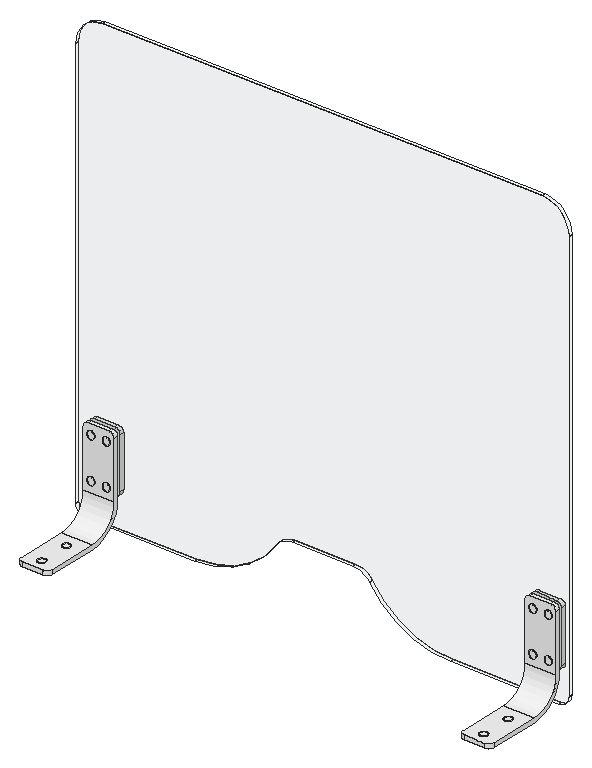
Revit family "Clarus_beShield_Back Bolt Legs_R19", category Furniture, host Face, Revit 2019
Family settings
  Host = Face
  Cut with Voids When Loaded = No
  Shared = No
  Room Calculation Point = No
Parameters (values of type "48" x 44"")
  Window [instance] = yes
  Width = 48"
  URL = "https://www.clarus.com/"
  TRC Standards [instance] = "http://therevitcollection.com/news/trc-news-the-revit-collection-standards-explained/"
  Shield [instance] = not(Window)  # no
  Product URL = "https://www.clarus.com/be-shield/"
  More Revit Families! [instance] = "www.therevitcollection.com"
  Modeled By = "Commense Studio"  # constant formula
  Model = "be! Shield"  # constant formula
  Manufacturer = "Clarus"  # constant formula
  Leg Finish [instance] = Clarus White
  Glass Depth = 3/8"
  Clarus Glass [instance] = Glass
  Description = "be! Shield is elegantly engineered to add a seamless layer of non-porous, antimicrobial tempered glass to ensure the health and safety of patrons and employees. It’s the perfect solution for the collaborative needs of your workspace."  # constant formula
  Height = 44"
  Designer = ""
  Depth = 12"  # constant formula
  Default Elevation = 0"
  Assembly Code = ""
Types (7): name | Width | Leg Finish | Height
  (no name) | 48" | Clarus White | 44"
  36" x 24" | 36" | Clarus Black | 24"
  48" x 24" | 48" | Clarus White | 24"
  36" x 34" | 36" | Clarus White | 34"
  48" x 34" | 48" | Clarus Black | 34"
  36" x 44" | 36" | Clarus Black | 44"
  48" x 44" | 48" | Clarus White | 44"
Reference planes (in)
  plane 1 "Center (Front/Back)": y = 0
  plane 2: z = 0
  plane 3 "Center (Left/Right)": x = 0
  plane 4 "L": x = -24
  plane 5 "R": x = 24
  plane 6 "B": y = 0.1875
  plane 7 "F": y = -0.1875
  plane 8: z = 44
  plane 9: x = 12.5
  plane 10: x = -12.5
  plane 11: z = 5.25
  plane 12: x = -21.5
  plane 13: x = 21.5
Forms (in)
  Extrusion 1, solid, material "Glass" <- "Clarus Glass", visible <- "Window"
    sketch origin (0, 0, 0) x (1, 0, 0) y (0, 0, 1)
      loop
        arc (-21.375, 44) -> (-23.23116, 43.23116) -> (-24, 41.375) r 2.625
        line (-24, 41.375) -> (-24, 1.25)
        arc (-24, 1.25) -> (-23.70711, 0.54289) -> (-23, 0.25) r 1
        line (-23, 0.25) -> (-12.42908, 0.25)
        arc (-12.42908, 0.25) -> (-7.99968, 1.34581) -> (-4.59213, 4.38043) r 9.5
        arc (-4.59213, 4.38043) -> (-3.87475, 5.0193) -> (-2.94225, 5.25) r 2
        line (-2.94225, 5.25) -> (2.94225, 5.25)
        arc (2.94225, 5.25) -> (3.87475, 5.0193) -> (4.59213, 4.38043) r 2
        arc (4.59213, 4.38043) -> (7.99968, 1.34581) -> (12.42908, 0.25) r 9.5
        line (12.42908, 0.25) -> (23, 0.25)
        arc (23, 0.25) -> (23.70711, 0.54289) -> (24, 1.25) r 1
        line (24, 1.25) -> (24, 41.375)
        arc (24, 41.375) -> (23.23116, 43.23116) -> (21.375, 44) r 2.625
        line (21.375, 44) -> (-21.375, 44)
    from -0.1875 to 0.1875
  Extrusion 2, solid, material "Glass" <- "Clarus Glass", visible <- "Shield"
    sketch origin (0, 0, 0) x (1, 0, 0) y (0, 0, 1)
      loop
        arc (-21.375, 44) -> (-23.23116, 43.23116) -> (-24, 41.375) r 2.625
        line (-24, 41.375) -> (-24, 1.25)
        arc (-24, 1.25) -> (-23.70711, 0.54289) -> (-23, 0.25) r 1
        line (-23, 0.25) -> (23, 0.25)
        arc (23, 0.25) -> (23.70711, 0.54289) -> (24, 1.25) r 1
        line (24, 1.25) -> (24, 41.375)
        arc (24, 41.375) -> (23.23116, 43.23116) -> (21.375, 44) r 2.625
        line (21.375, 44) -> (-21.375, 44)
    from -0.1875 to 0.1875
Dimensions and locks (in)
  equal spacing: plane 4 "L", plane 3 "Center (Left/Right)", plane 5 "R"
  "Width": plane 4 "L" to plane 5 "R"
  equal spacing: plane 7 "F", plane 1 "Center (Front/Back)", plane 6 "B"
  "Glass Depth": plane 7 "F" to plane 6 "B"
  "Height": plane 8 to level
  plane 10 to plane 3 "Center (Left/Right)" to plane 9 = 12 1/2", 12 1/2"
  plane 11 to level = 5 1/4"
  locked: plane 4 "L" to plane 12 at 2.5
  locked: plane 13 to plane 5 "R" at 2.5
  aligned and locked: plane 2 to host face
  aligned and locked: level to host face
  aligned and locked: Extrusion 1 sketch curve to plane 11
  aligned and locked: Extrusion 1 to plane 6 "B"
  aligned and locked: plane 7 "F" to Extrusion 1
  aligned and locked: nested 1 to plane 12
  aligned and locked: plane 13 to nested 2
  aligned and locked: plane 4 "L" to Extrusion 2 sketch curve
  aligned and locked: Extrusion 2 sketch curve to plane 5 "R"
  aligned and locked: Extrusion 2 sketch curve to plane 8
  aligned and locked: nested 1 to plane 6 "B"
  aligned and locked: plane 6 "B" to nested 2
Automatic sketch dimensions
  host sketch curve to host sketch curve = 96"  (x2)
  Extrusion 1 sketch curve to plane 4 "L" = 0"
  Extrusion 1 sketch curve to plane 8 = 0"
  Extrusion 1 sketch curve to plane 5 "R" = 0"
  level to Extrusion 1 sketch curve = 1/4"  (x2)
  plane 4 "L" to Extrusion 1 sketch curve = 1"
  plane 4 "L" to Extrusion 1 sketch curve = 2 5/8"
  Extrusion 1 sketch curve to plane 3 "Center (Left/Right)" = 2.94225"
  plane 3 "Center (Left/Right)" to Extrusion 1 sketch curve = 2.94225"
  Extrusion 1 sketch curve to plane 9 = 0.07092"
  Extrusion 1 sketch curve to Extrusion 1 sketch curve = 2 5/8"
  Extrusion 1 sketch curve to plane 5 "R" = 1"
  Extrusion 1 sketch curve to plane 11 = 2"  (x2)
  plane 11 to Extrusion 1 sketch curve = 4 1/2"  (x2)
  Extrusion 1 sketch curve to plane 10 = 0.07092"
  level to Extrusion 2 sketch curve = 1/4"
  plane 4 "L" to Extrusion 2 sketch curve = 1"
  Extrusion 2 sketch curve to plane 12 = 1/8"
  Extrusion 2 sketch curve to plane 13 = 1/8"
  Extrusion 2 sketch curve to Extrusion 2 sketch curve = 1"
Nested families (in)
  nested 1: "Clarus_beShield_Back Bolt_R18" at (-21.5, 0.5625, 0), Core Finish <- "Leg Finish", type "Clamp"
    with TRC Standards "http://therevitcollection.com/news/trc-news-the-revit-collection-standards-explained/", More Revit Families! "www.therevitcollection.com", Core Finish Clarus White
  nested 2: "Clarus_beShield_Back Bolt_R18" at (21.5, 0.5625, 0), Core Finish <- "Leg Finish", type "Clamp"
    with TRC Standards "http://therevitcollection.com/news/trc-news-the-revit-collection-standards-explained/", More Revit Families! "www.therevitcollection.com", Core Finish Clarus White
Definition of nested family "Clarus_beShield_Back Bolt_R18"
  Parameters (values of type "Clamp")
    Width = 3"  # constant formula
    URL = "https://www.clarus.com/"
    TRC Standards [instance] = "http://therevitcollection.com/news/trc-news-the-revit-collection-standards-explained/"
    Product URL = "https://www.clarus.com/be-shield/"
    More Revit Families! [instance] = "www.therevitcollection.com"
    Modeled By = "Commense Studio"  # constant formula
    Model = "be! Shield"  # constant formula
    Manufacturer = "Clarus"  # constant formula
    Core Finish [instance] = none
    Description = "be! Shield Leg Configs"  # constant formula
    Height = 9"  # constant formula
    Designer = ""
    Depth = 8 7/8"  # constant formula
    Default Elevation = 0"
    Assembly Code = ""
  Reference planes (in)
    plane 1 "Center (Front/Back)": y = 0
    plane 2: z = 0
    plane 3 "Center (Left/Right)": x = 0
    plane 4 "L": x = -1.5
    plane 5 "R": x = 1.5
    plane 6 "F": y = -9.125
    plane 7: z = 9
    plane 8: y = -0.375
    plane 9: y = -0.75
    plane 10: y = -1.125
  Forms (in)
    Extrusion 1, solid
      sketch origin (0, 0, 0) x (1, 0, 0) y (0, 1, 0)
        loop
          line (-48, 48) -> (-48, -48) -> (48, -48) -> (48, 48) -> (-48, 48)
      from 0 to -12
    Extrusion 2, solid, material <- "Core Finish"
      sketch origin (10.61611, 0, 0) x (0, 0, 1) y (0, -1, 0)
        loop
          line (0.375, 3.75) -> (0.375, 9.125) -> (0, 9.125) -> (0, 3.75)
          arc (0, 3.75) -> (0.87868, 1.62868) -> (3, 0.75) r 3
          line (3, 0.75) -> (3, 1.125)
          arc (3, 1.125) -> (1.14385, 1.89384) -> (0.375, 3.75) r 2.625
      from -12.11611 to -9.11611
    Extrusion 3, solid, material <- "Core Finish"
      sketch origin (0, 0, 0) x (1, 0, 0) y (0, 0, 1)
        loop
          arc (-1, 9) -> (-1.35355, 8.85355) -> (-1.5, 8.5) r 0.5
          line (-1.5, 8.5) -> (-1.5, 3.50001)
          arc (-1.5, 3.50001) -> (-1.35355, 3.14645) -> (-1, 3.00001) r 0.5
          line (-1, 3.00001) -> (1, 3.00001)
          arc (1, 3.00001) -> (1.35355, 3.14645) -> (1.5, 3.50001) r 0.5
          line (1.5, 3.50001) -> (1.5, 8.5)
          arc (1.5, 8.5) -> (1.35355, 8.85355) -> (1, 9) r 0.5
          line (1, 9) -> (-1, 9)
      from 0 to 0.375
    Extrusion 4, solid, material <- "Core Finish"
      sketch origin (0, -0.75984, 0) x (1, 0, 0) y (0, 0, 1)
        loop
          arc (-1, 9) -> (-1.35355, 8.85355) -> (-1.5, 8.5) r 0.5
          line (-1.5, 8.5) -> (-1.5, 3.00001) -> (1.5, 3.00001) -> (1.5, 8.5)
          arc (1.5, 8.5) -> (1.35355, 8.85355) -> (1, 9) r 0.5
          line (1, 9) -> (-1, 9)
      from -0.00984 to 0.36516
    Extrusion 5, void
      sketch origin (0, 0, 0) x (1, 0, 0) y (0, 0, 1)
        loop
          circle (-0.75197, 8.00344) r 0.37503
        loop
          circle (-0.75197, 8.00344) r 0.3594
        loop
          circle (0.75197, 8.00344) r 0.37503
        loop
          circle (0.75197, 8.00344) r 0.3594
        loop
          circle (-0.75197, 4.00344) r 0.37503
        loop
          circle (-0.75197, 4.00344) r 0.3594
        loop
          circle (0.75197, 4.00344) r 0.37503
        loop
          circle (0.75197, 4.00344) r 0.3594
      from 0 to 2
    Extrusion 6, void
      sketch origin (0, 0, 0) x (1, 0, 0) y (0, 1, 0)
        loop
          arc (-1, -9.125) -> (-1.35355, -8.97855) -> (-1.5, -8.625) r 0.5
          line (-1.5, -8.625) -> (-1.5, -9.125) -> (-1, -9.125)
        loop
          line (1, -9.125) -> (1.5, -9.125) -> (1.5, -8.625)
          arc (1.5, -8.625) -> (1.35355, -8.97855) -> (1, -9.125) r 0.5
      from -3 to 1.50691
    Extrusion 7, void
      sketch origin (0, 0.5, 0) x (1, 0, 0) y (0, 1, 0)
        loop
          circle (0, -5.5625) r 0.37503
        loop
          circle (0, -5.5625) r 0.3594
        loop
          circle (0, -8.5625) r 0.37503
        loop
          circle (0, -8.5625) r 0.3594
      from 0 to 0.5
  Cuts and joins
    Extrusion 5, Extrusion 6, Extrusion 7 cuts Extrusion 2
    Extrusion 5, Extrusion 6, Extrusion 7 cuts Extrusion 4
    joined: Extrusion 2, Extrusion 4
    Extrusion 5 cuts Extrusion 3
  Dimensions and locks (in)
    equal spacing: plane 4 "L", plane 3 "Center (Left/Right)", plane 5 "R"
    "Width": plane 4 "L" to plane 5 "R"
    plane 6 "F" to plane 1 "Center (Front/Back)" = 9 1/8"  (x2)
    "Height": plane 7 to level
    plane 9 to plane 8 to plane 1 "Center (Front/Back)" = 3/8" locked, 3/8"
    aligned and locked: plane 2 to Extrusion 1
    aligned and locked: level to Extrusion 1
    aligned and locked: Extrusion 2 to plane 4 "L"
    aligned and locked: plane 5 "R" to Extrusion 2
    aligned and locked: Extrusion 3 to plane 1 "Center (Front/Back)"
    aligned and locked: plane 8 to Extrusion 3
    aligned and locked: cut or joined group of Extrusion 2, Extrusion 4, Extrusion 5, Extrusion 6, Extrusion 7 to plane 9
    aligned and locked: plane 10 to cut or joined group of Extrusion 2, Extrusion 4, Extrusion 5, Extrusion 6, Extrusion 7
    aligned and locked: plane 8 to cut or joined group of Extrusion 3, Extrusion 5
    aligned and locked: cut or joined group of Extrusion 3, Extrusion 5 to plane 1 "Center (Front/Back)"
  Automatic sketch dimensions
    Extrusion 1 sketch curve to Extrusion 1 sketch curve = 96"  (x2)
    Extrusion 2 sketch curve to plane 6 "F" = 0"
    Extrusion 2 sketch curve to plane 10 = 0"
    level to Extrusion 2 sketch curve = 0"
    Extrusion 2 sketch curve to Extrusion 2 sketch curve = 3/8"
    Extrusion 2 sketch curve to Extrusion 2 sketch curve = 2 5/8"
    plane 9 to Extrusion 2 sketch curve = 0"
    Extrusion 2 sketch curve to Extrusion 2 sketch curve = 0"  (x2)
    Extrusion 3 sketch curve to plane 4 "L" = 0"
    Extrusion 3 sketch curve to plane 7 = 0"
    Extrusion 3 sketch curve to plane 5 "R" = 0"
    plane 4 "L" to Extrusion 3 sketch curve = 1/2"  (x2)
    Extrusion 3 sketch curve to plane 5 "R" = 1/2"  (x2)
    level to Extrusion 3 sketch curve = 3 1/2"
    Extrusion 4 sketch curve to plane 4 "L" = 0"
    Extrusion 4 sketch curve to plane 7 = 0"
    Extrusion 4 sketch curve to plane 5 "R" = 0"
    plane 4 "L" to Extrusion 4 sketch curve = 1/2"
    Extrusion 4 sketch curve to plane 5 "R" = 1/2"
    level to Extrusion 4 sketch curve = 3"
    Extrusion 5 sketch curve to Extrusion 5 sketch curve = 0"  (x9)
    plane 4 "L" to Extrusion 5 sketch curve = 0.74803"  (x2)
    Extrusion 5 sketch curve to plane 5 "R" = 0.74803"  (x2)
    level to Extrusion 5 sketch curve = 4.00344"
    Extrusion 5 sketch curve to plane 7 = 0.99656"  (x2)
    Extrusion 6 sketch curve to plane 4 "L" = 0"  (x2)
    plane 6 "F" to Extrusion 6 sketch curve = 0"  (x2)
    Extrusion 6 sketch curve to plane 5 "R" = 0"  (x2)
    plane 4 "L" to Extrusion 6 sketch curve = 1/2"
    Extrusion 6 sketch curve to Extrusion 6 sketch curve = 1/2"
    Extrusion 6 sketch curve to Extrusion 6 sketch curve = 0"  (x4)
    Extrusion 7 sketch curve to Extrusion 7 sketch curve = 0"  (x4)
    Extrusion 7 sketch curve to plane 3 "Center (Left/Right)" = 0"  (x2)
    Extrusion 7 sketch curve to plane 10 = 3 15/16"
    Extrusion 7 sketch curve to plane 6 "F" = 1 1/16"
    radius of Extrusion 5 sketch curve = 0.37503"  (x4)
    radius of Extrusion 5 sketch curve = 0.3594"  (x4)
    radius of Extrusion 7 sketch curve = 0.37503"  (x2)
    radius of Extrusion 7 sketch curve = 0.3594"  (x2)
